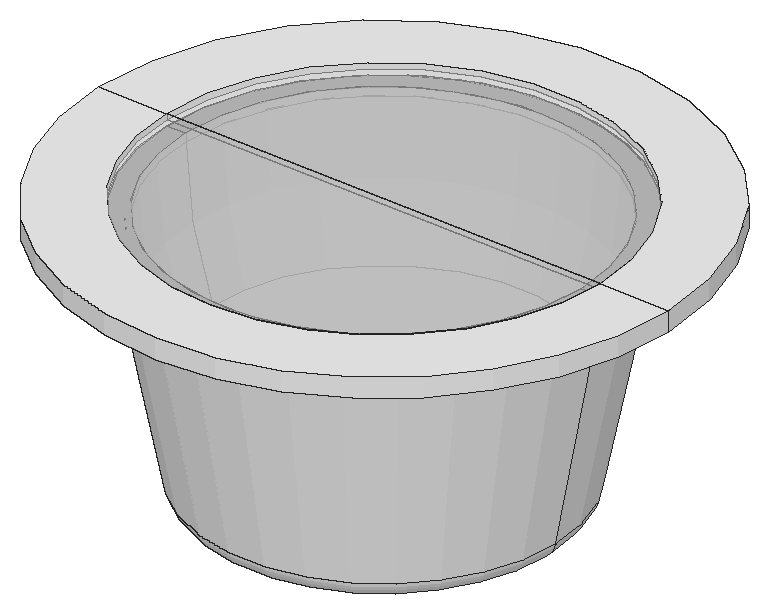
Revit family "2060551+2028034 Sylvania Lighting Fixture ASCENT 100 II ARCH 1900 3K STD EMG 160 with IP44 Clear Glass", category Lighting Fixtures, host Face, Revit 2016
Family settings
  Host = Face
  Part Type = Normal
  Round Connector Dimension = Use Diameter
  OmniClass Number = 23.80.70.11.17
  OmniClass Title = Specialized Lighting by Location or Use
  Cut with Voids When Loaded = No
  Light Source = Yes
  Shared = No
  Room Calculation Point = No
Parameters (values of type "2060551+2028034 ASCT100 II ARCH 1900 3K STD EMG 160 with IP44 Clear Glass")
  WidthBezelAcc_SYL = 25.0 mm
  Weight = "1.92 kg"
  Wattage = 19 W
  WarrantyStartDate [instance] = "n/a"
  WarrantyGuarantorParts = "n/a"
  WarrantyDurationUnit = "n/a"
  WarrantyDurationParts = "n/a"
  WarrantyDescription = "n/a"
  built-in parameter 1150110 = 1 (stored number, unit not read)
  Voltage = 0 V
  VisibilityAccessory_SYL = yes
  TypeName = "ASCENT 100 II ARCH 1900 3K STD EMG 160"
  built-in parameter 1114217 = 1 (stored number, unit not read)
  Tilt Angle = -90°
  built-in parameter 1150109 = 1 (stored number, unit not read)
  built-in parameter 1150134 = (empty or 0)
  built-in parameter 1150113 = 1 (stored number, unit not read)
  SerialNumber [instance] = "n/a"
  ReflectorRadius_SYL = Radius_SYL - 14.5 mm  # 80.0 mm
  RadiusAcc_SYL = 105.0 mm
  Radius_SYL = 94.5 mm
  URL = "http://www.sylvania-lighting.com"
  PowerFactor = 0
  PowerConsumption = "19 W"
  Photometric Web File = "2060551.ies"
  NominalWidth = 0.0 mm
  NominalLength = 0.0 mm
  NominalHeight = 94.0 mm
  Name = "ASCENT 100 II ARCH 1900 3K STD EMG 160"
  ModelReference = "ASCENT 100 II ARCH 1900 3K STD EMG 160"
  ModelNumber = "2060551+2028034"
  Material_4_SYL = none
  Material_3_SYL = Polycarbonate_Sylvania_Ascent_Clear
  Material_2_SYL = Aluminium_Sylvania_Ascent_Silver
  Material_1_SYL = Aluminum_Sylvania_Ascent_White
  Material = "aluminium housing, arcylic diffuser"
  ManufacturerName = "Feilo Sylvania"
  LuminousEfficacy = "97 lm/W"
  built-in parameter 1150105 = 146.66 (stored number, unit not read)
  Lumens = 1843 lm
  LuminaireType = ""
  built-in parameter 1150115 = 1 (stored number, unit not read)
  LightOutputRatio = "100"
  built-in parameter 1150137 = (empty or 0)
  built-in parameter 1150139 = (empty or 0)
  LampsType = Lamp  # "LED"
  LampNominalLuminous = "1847 lm"
  LampMacAdamStep = "3"
  LampColourTemperature = "3000 K"
  LampColourRenderingIndex = "80"
  built-in parameter 1150112 = 1 (stored number, unit not read)
  built-in parameter 1150114 = 1 (stored number, unit not read)
  Keynote = "16500"
  InstallationDate [instance] = "n/a"
  InputVoltage = "n/a"
  InputNominalFrequency = "n/a"
  built-in parameter 1150132 = (empty or 0)
  built-in parameter 1150102 = (empty or 0)
  built-in parameter 1150107 = 3000 (stored number, unit not read)
  built-in parameter 1150138 = (empty or 0)
  IngressProtection = "IP44"
  ImpactProtectionIndex = "IK02"
  built-in parameter 1150106 = 1.4666 (stored number, unit not read)
  IfcExportType = "IfcLightFixtureType"
  IfcExportAs = "IfcLightFixtureType"
  Height_SYL = 94.0 mm
  HeightAcc_SYL = 7.0 mm
  ExpectedLife = 50000
  EmittionSurface_SYL = if(VisibilityAccessory_SYL, 7.0 mm, 3.0 mm)  # 7.0 mm
  Emit from Circle Diameter = DiffuserRadius_SYL * 2  # 146.0 mm
  Emit Shape Visible in Rendering = no
  ElectricShockClassification = "Class II"
  built-in parameter 1150104 = 9.0116 (stored number, unit not read)
  DurationUnit = "hours"
  DocumentationLiterature = "http://www.sylvania-lighting.com/product/en-int/products/2060551"
  DimmingControlOptions = "n/a"
  Dimming Lamp Color Temperature Shift = <None>
  DiffuserRadius_SYL = ReflectorRadius_SYL - 7.0 mm  # 73.0 mm
  Diameter_SYL = 2 * Radius_SYL  # 189.0 mm
  CutoutDiameter_SYL = Diameter_SYL - 13.0 mm  # 176.0 mm
  CreatedOn = "9/17/2018"
  CreatedBy = "@sylvania-lighting.com"
  Color Filter = 16777215
  built-in parameter 1114216 [instance] = 1 (stored number, unit not read)
  Model = "ASCENT 100 II ARCH 1900 3K STD EMG 160"
  Manufacturer = "Feilo Sylvania"
  Lamp = "LED"
  Description = "Direct LED retro fit for original LED 100 Arch (160) single CFL lamp offering Matching lumen levels and improved light distribution of original LED 100 CFL lamp equivalents Typically half the power consumption compared to CFL Up to 112lm/W 160mm aperture Architectural reflector accepts range of glass accessories from existing LED 100 Arch 160 offering HE, HO and VHO versions equivalent of single 1 x 18W, 1 x 32W, 1 x 42W\r\n Additional VVHO versions which offer the performance circa 2 x 32W equivalent"  # constant formula
  Default Elevation = 0.0 mm
  built-in parameter 1140040 [instance] = 1
  BarCode [instance] = "n/a"
  built-in parameter 1114218 = 1 (stored number, unit not read)
  built-in parameter 1150133 = 10 (stored number, unit not read)
  AssetType = "Fixed"
  AssetIdentifier [instance] = "n/a"
  Assembly Code = "D5020200"
  Apparent Load = 19 VA
  Aperture_SYL = 2 * ReflectorRadius_SYL  # 160.0 mm
Types (2, lengths in mm): name | Wattage | TypeName | Photometric Web File | Name | ModelReference | built-in parameter 1150105 | Lumens | built-in parameter 1150106 | Model | Apparent Load
  2060551+2028034 ASCT100 II ARCH 1900 3K STD EMG 160 with IP44 Clear Glass | 19 W | "ASCENT 100 II ARCH 1900 3K STD EMG 160" | "2060551.ies" | "ASCENT 100 II ARCH 1900 3K STD EMG 160" | "ASCENT 100 II ARCH 1900 3K STD EMG 160" | 146.66 (stored number, unit not read) | 1843 lm | 1.4666 (stored number, unit not read) | "ASCENT 100 II ARCH 1900 3K STD EMG 160" | 19 VA
  2060551+2028034 ASCT100 II ARCH 1900 3K STD EMG 160 with IP44 Clear Glass Emergency mode | 1.84536 W | "ASCT100 II ARCH 1900 3K STD EMG 160 with IP44 Clear Glass Emergency mode" | "2060551EM.ies" | "ASCT100 II ARCH 1900 3K STD EMG 160 with IP44 Clear Glass Emergency mode" | "ASCT100 II ARCH 1900 3K STD EMG 160 with IP44 Clear Glass Emergency mode" | 14.244 (stored number, unit not read) | 179 lm | 0.14244 (stored number, unit not read) | "ASCT100 II ARCH 1900 3K STD EMG 160 with IP44 Clear Glass Emergency mode" | 1.84536 VA
Reference planes
  plane 1 "Center (Front/Back)": y = 0
  plane 2: z = 0
  plane 3 "Center (Left/Right)": x = 0
  plane 4 "Fixture Bottom": z = 3
  plane 5: z = -52.5
  plane 6 "Fixture Top": z = -91
  plane 7: x = -105
  plane 8: z = 7
  plane 9: x = -80
  plane 10: z = 5
  plane 11: x = -103
Forms (mm)
  Extrusion 1, solid, material "Aluminum_Sylvania_Ascent_White", detail levels fine
    sketch origin (0, 0, 0) x (1, 0, 0) y (0, 1, 0)
      loop
        circle (0, 0) r 94.5
      loop
        circle (0, 0) r 80
    from 0 to 3
  Extrusion 2, void
    sketch origin (0, 0, 0) x (1, 0, 0) y (0, 1, 0)
      loop
        circle (0, 0) r 88
    from -91 to 3
  Revolve 3, solid, material "Aluminum_Sylvania_Ascent_White" <- "Material_1_SYL", detail levels fine
    sketch origin (0, 0, 0) x (1, 0, 0) y (0, 0, 1)
      loop
        line (0, -91.073) -> (0, -89.023) -> (-55.468, -89.014)
        arc (-55.468, -89.014) -> (-59.352, -87.613) -> (-61.54, -84.139) r 6.307
        line (-61.54, -84.139) -> (-77.991, -2.844) -> (-77.991, 0) -> (-80, 0) -> (-80, -3) -> (-63.5, -84.536)
        arc (-63.5, -84.536) -> (-60.643, -89.203) -> (-55.5, -91.073) r 8.291
        line (-55.5, -91.073) -> (0, -91.073)
      axis (0, 0) -> (0, -91.073)
    angle from 0 to 360
  Revolve 4, solid, material "Aluminium_Sylvania_Ascent_Silver" <- "Material_2_SYL", detail levels fine
    sketch origin (0, 0, 0) x (1, 0, 0) y (0, 0, 1)
      loop
        line (-80, 3) -> (-80, 0) -> (-75, 0)
        arc (-75, 0) -> (-72.349, -26.77) -> (-64.5, -52.5) r 136.5
        line (-64.5, -52.5) -> (-58, -52.5)
        arc (-58, -52.5) -> (-56.857, -61.521) -> (-53.5, -69.971) r 36.166
        line (-53.5, -69.971) -> (0, -69.971) -> (0, -50.5) -> (-63.16, -50.5)
        arc (-63.16, -50.5) -> (-70.517, -25.725) -> (-73, 0) r 134.5
        line (-73, 0) -> (-73, 3) -> (-80, 3)
      axis (0, 3) -> (0, -69.971)
    angle from 0 to 360
  Extrusion 5, solid, material "Polycarbonate_Sylvania_Ascent_Clear" <- "Material_3_SYL", detail levels fine
    sketch origin (0, 0, 0) x (1, 0, 0) y (0, 1, 0)
      loop
        circle (0, 0) r 73
    from 0 to 3
  Revolve 6, solid, material "Aluminum_Sylvania_Ascent_White" <- "Material_1_SYL", detail levels coarse+medium
    sketch origin (0, 0, 0) x (1, 0, 0) y (0, 0, 1)
      loop
        line (0, -91.073) -> (0, 3) -> (-94.5, 3) -> (-94.5, 0) -> (-79.5, 0) -> (-79.5, -3) -> (-63, -84.536)
        arc (-63, -84.536) -> (-60.143, -89.203) -> (-55, -91.073) r 8.291
        line (-55, -91.073) -> (0, -91.073)
      axis (0, 3) -> (0, -91.073)
    angle from 0 to 360
  Revolve 7, solid, material "Aluminum_Sylvania_Ascent_White" <- "Material_1_SYL", visible <- "VisibilityAccessory_SYL"
    sketch origin (0, 0, 0) x (1, 0, 0) y (0, 0, 1)
      loop
        line (-105, 0) -> (-103, 0) -> (-103, 5) -> (-80, 5) -> (-80, 7) -> (-105, 7) -> (-105, 0)
      axis (0, 7) -> (0, 0)
    angle from 0 to 360
  Revolve 8, solid, material "Polycarbonate_Sylvania_Ascent_Clear" <- "Material_3_SYL", visible <- "VisibilityAccessory_SYL"
    sketch origin (0, 0, 0) x (1, 0, 0) y (0, 0, 1)
      loop
        line (-80, 7) -> (-80, 5) -> (0, 5) -> (0, 7) -> (-80, 7)
      axis (0, 7) -> (0, 5)
    angle from 0 to 360
Lines and regions (mm)
  reference lines
    curve 1: line (-150, 0, 7) -> (125, 0, 7)
Dimensions and locks
  locked: plane 4 "Fixture Bottom" to plane 2 at 3
  "Height_SYL": plane 4 "Fixture Bottom" to plane 6 "Fixture Top"
  "ReflectorRadius_SYL": plane 3 "Center (Left/Right)" to Revolve 4 sketch curve
  locked: Revolve 4 sketch curve to Revolve 4 sketch curve at 15.5
  locked: Revolve 4 sketch curve to Revolve 4 sketch curve at 5
  locked: Revolve 4 sketch curve to Revolve 4 sketch curve at 7
  locked: Revolve 4 sketch curve to Revolve 4 sketch curve at 22
  locked: Revolve 4 sketch curve to Revolve 4 sketch curve at 26.5
  locked: Revolve 3 sketch curve to Revolve 3 sketch curve at 16.5
  locked: Revolve 3 sketch curve to Revolve 3 sketch curve at 24.5
  "ReflectorRadius_SYL": Revolve 3 sketch curve to plane 3 "Center (Left/Right)"
  locked: Revolve 3 sketch curve to plane 6 "Fixture Top" at 6.464
  locked: plane 2 to Revolve 3 sketch curve at 3
  locked: Revolve 3 sketch curve to Revolve 3 sketch curve at 2
  locked: Revolve 3 sketch curve to Revolve 3 sketch curve at 2.009
  locked: plane 2 to plane 5 at 52.5
  locked: Revolve 6 sketch curve to Revolve 6 sketch curve at 31.5
  locked: Revolve 6 sketch curve to Revolve 6 sketch curve at 39.5
  locked: Revolve 6 sketch curve to Revolve 6 sketch curve at 15
  "Radius_SYL": plane 3 "Center (Left/Right)" to Revolve 6 sketch curve
  "RadiusAcc_SYL": plane 3 "Center (Left/Right)" to plane 7
  "HeightAcc_SYL": plane 8 to level
  "WidthBezelAcc_SYL": plane 7 to plane 9
  locked: plane 7 to plane 11 at 2
  locked: plane 8 to plane 10 at 2
  "EmittionSurface_SYL": curve 1 to level
  "CutoutDiameter_SYL": diameter of Extrusion 2 sketch curve
  "ReflectorRadius_SYL": radius of Extrusion 1 sketch curve
  "DiffuserRadius_SYL": radius of Extrusion 5 sketch curve
  "Radius_SYL": radius of Extrusion 1 sketch curve
  aligned and locked: host face to plane 2
  aligned and locked: host face to level
  aligned and locked: plane 4 "Fixture Bottom" to Extrusion 1
  aligned and locked: Extrusion 1 to plane 2
  aligned and locked: Revolve 3 sketch curve to plane 3 "Center (Left/Right)"
  aligned and locked: Revolve 4 sketch curve to plane 3 "Center (Left/Right)"  (x2)
  aligned and locked: plane 4 "Fixture Bottom" to Revolve 4 sketch curve
  aligned and locked: Extrusion 5 to plane 2
  aligned and locked: plane 2 to Revolve 3 sketch curve  (x2)
  aligned and locked: Revolve 6 sketch curve to plane 3 "Center (Left/Right)"
  aligned and locked: plane 6 "Fixture Top" to Extrusion 2
  aligned and locked: Revolve 7 sketch curve to plane 3 "Center (Left/Right)"
  aligned and locked: host face to Revolve 7 sketch curve  (x2)
  aligned and locked: Revolve 7 sketch curve to plane 7
  aligned and locked: plane 8 to Revolve 7 sketch curve
  aligned and locked: plane 9 to Revolve 7 sketch curve
  aligned and locked: Revolve 7 sketch curve to plane 10
  aligned and locked: plane 11 to Revolve 7 sketch curve
  aligned and locked: Revolve 7 to Revolve 8 sketch curve
  aligned and locked: Revolve 8 sketch curve to Revolve 7  (x2)
  aligned and locked: Revolve 8 sketch curve to plane 3 "Center (Left/Right)"  (x2)
  aligned and locked: plane 3 "Center (Left/Right)" to imposter light
  aligned and locked: imposter light to plane 1 "Center (Front/Back)"
  aligned and locked: imposter light to curve 1
Automatic sketch dimensions
  plane 1 "Center (Front/Back)" to Extrusion 2 sketch curve = 0.0 mm
  Extrusion 2 sketch curve to plane 3 "Center (Left/Right)" = 0.0 mm
  Extrusion 1 sketch curve to Extrusion 1 sketch curve = 0.0 mm  (x2)
  plane 1 "Center (Front/Back)" to Extrusion 1 sketch curve = 0.0 mm
  Extrusion 1 sketch curve to plane 3 "Center (Left/Right)" = 0.0 mm
  plane 6 "Fixture Top" to Revolve 3 sketch curve = 0.073 mm
  Revolve 3 sketch curve to plane 6 "Fixture Top" = 6.861 mm
  Revolve 3 sketch curve to Revolve 3 sketch curve = 0.003 mm
  Revolve 3 sketch curve to Revolve 3 sketch curve = 0.009 mm  (x2)
  Revolve 3 sketch curve to Revolve 3 sketch curve = 0.023 mm
  Revolve 3 sketch curve to Revolve 3 sketch curve = 0.072 mm
  Revolve 3 sketch curve to Revolve 3 sketch curve = 0.008 mm
  Revolve 3 sketch curve to plane 6 "Fixture Top" = 1.977 mm
  Revolve 3 sketch curve to Revolve 3 sketch curve = 33.496 mm
  Revolve 3 sketch curve to Revolve 3 sketch curve = 0.028 mm
  plane 4 "Fixture Bottom" to Revolve 3 sketch curve = 82.431 mm
  Revolve 4 sketch curve to Revolve 4 sketch curve = 0.0 mm  (x2)
  Revolve 4 sketch curve to plane 5 = 0.0 mm
  Revolve 4 sketch curve to level = 0.0 mm
  plane 5 to Revolve 4 sketch curve = 2.0 mm
  plane 4 "Fixture Bottom" to Revolve 4 sketch curve = 9.642 mm
  plane 1 "Center (Front/Back)" to Extrusion 5 sketch curve = 0.0 mm
  Extrusion 5 sketch curve to plane 3 "Center (Left/Right)" = 0.0 mm
  Revolve 4 sketch curve to level = 69.971 mm
  Revolve 4 sketch curve to Revolve 4 sketch curve = 2.387 mm
  Revolve 6 sketch curve to level = 0.0 mm
  Revolve 6 sketch curve to plane 3 "Center (Left/Right)" = 0.0 mm
  Revolve 6 sketch curve to Revolve 6 sketch curve = 8.104 mm
  Revolve 6 sketch curve to level = 3.0 mm
  Revolve 6 sketch curve to plane 6 "Fixture Top" = 6.464 mm
  plane 6 "Fixture Top" to Revolve 6 sketch curve = 0.073 mm
  Revolve 6 sketch curve to Revolve 6 sketch curve = 33.496 mm
  plane 4 "Fixture Bottom" to Revolve 6 sketch curve = 82.431 mm
  host sketch curve to host sketch curve = 1704.996 mm
  host sketch curve to host sketch curve = 1500.0 mm
  plane 6 "Fixture Top" to Revolve 7 sketch curve = 281.274 mm
  Revolve 7 sketch curve to plane 8 = 1140.706 mm
  plane 6 "Fixture Top" to Revolve 8 sketch curve = 281.274 mm
  Revolve 8 sketch curve to Revolve 8 sketch curve = 1140.706 mm
  Revolve 3 sketch curve to plane 3 "Center (Left/Right)" = 0.0 mm
  Revolve 6 sketch curve to plane 4 "Fixture Bottom" = 0.0 mm
  plane 7 to curve 1 = 45.0 mm
  plane 3 "Center (Left/Right)" to curve 1 = 125.0 mm
Connectors
  electrical at (0, 0, -91.073), driven by "Apparent Load"
    settings: on Revolve 3, index 1, voltage 240 V, apparent load 0 VA, apparent load phase1 19 VA, apparent load phase2 0 VA, apparent load phase3 0 VA, power factor 1, load classification "Lighting", number of poles 1, system type 31, power factor state 1, is connector primary yes, connector utility no, sub classification motor no, connector description ""
